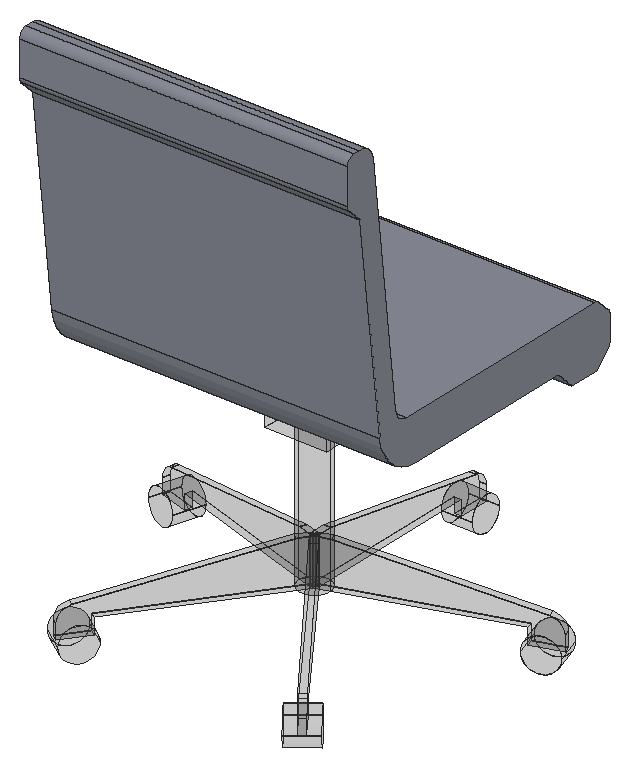
Revit family
Parameters (values of type "Chair-Task")
  Assembly Code = "E2020200"
  Material Base = Plastic - Black
  Material Caster = Plastic - Black
  Material Seat/Back = Textile - Slate Blue
Reference planes
  plane 1 "Center (Front/Back)": y = 18.946
  plane 2: z = 0
  plane 3 "Center (Left/Right)": x = 140.991
  plane 4: x = 458.491
  plane 5: x = -176.509
  plane 6: y = -323.954
  plane 7: y = 361.846
  plane 8: z = 889
  plane 9 "Seat": z = 457.2
  plane 10: y = -247.754
  plane 11: z = 863.6
  plane 12: y = 285.646
  plane 13: y = 260.246
  plane 14: z = 431.8
  plane 15: y = -222.354
  plane 16: z = 787.4
  plane 17: z = 355.6
  plane 18: x = 191.791
  plane 19: x = 90.191
  plane 20: x = 420.391
  plane 21: x = -138.409
Forms (mm)
  Extrusion 1, solid, material "Textile - Slate Blue" <- "Material Seat/Back"
    sketch origin (-176.509, 0, 0) x (0, -1, 0) y (0, 0, 1)
      loop
        arc (-255.01, 457.2) -> (-259.851, 456.241) -> (-263.96, 453.51) r 12.7
        line (-263.96, 453.51) -> (-281.896, 435.694)
        arc (-281.896, 435.694) -> (-284.671, 431.563) -> (-285.646, 426.684) r 12.7
        line (-285.646, 426.684) -> (-285.646, 391.641)
        arc (-285.646, 391.641) -> (-283.729, 381.96) -> (-278.266, 373.74) r 25.4
        line (-278.266, 373.74) -> (-260.247, 355.6) -> (-209.447, 355.6) -> (-181.074, 383.784) -> (107.109, 383.784)
        arc (107.109, 383.784) -> (157.745, 403.041) -> (182.787, 451.08) r 76.2
        line (182.787, 451.08) -> (222.354, 787.4) -> (244.034, 809.08)
        arc (244.034, 809.08) -> (246.787, 813.2) -> (247.754, 818.061) r 12.7
        line (247.754, 818.061) -> (247.754, 876.3)
        arc (247.754, 876.3) -> (244.034, 885.28) -> (235.054, 889) r 12.7
        line (235.054, 889) -> (222.179, 889)
        arc (222.179, 889) -> (205.3, 882.581) -> (196.953, 866.568) r 25.4
        line (196.953, 866.568) -> (151.431, 479.632)
        arc (151.431, 479.632) -> (143.084, 463.619) -> (126.205, 457.2) r 25.4
        line (126.205, 457.2) -> (-255.01, 457.2)
    from -50.8 to -584.2
  Extrusion 2, solid, material "Plastic - Black" <- "Material Base"
    sketch origin (191.791, 0, 0) x (0, -1, 0) y (0, 0, 1)
      loop
        line (19.154, 383.784) -> (-69.746, 383.784) -> (-69.746, 371.084) -> (-18.946, 283.095) -> (19.154, 283.095) -> (19.154, 383.784)
    from 0 to 101.6
  Extrusion 3, solid, material "Plastic - Black" <- "Material Base"
    sketch origin (140.991, 0, 0) x (0, 1, 0) y (0, 0, 1)
      loop
        line (18.946, 53.584) -> (311.046, 53.584) -> (311.046, 28.184) -> (361.846, 28.184) -> (361.846, 52.487)
        arc (361.846, 52.487) -> (355.903, 68.813) -> (340.857, 77.501) r 25.4
        line (340.857, 77.501) -> (44.346, 129.784) -> (18.946, 129.784) -> (18.946, 53.584)
    from 6.35 to -6.35
  Extrusion 4, solid, material "Plastic - Black" <- "Material Caster"
    sketch origin (140.991, 0, 0) x (0, 1, 0) y (0, 0, 1)
      loop
        circle (336.446, 28.184) r 28.2
    from 25.4 to -25.4
  Extrusion 5, solid, material "Plastic - Black" <- "Material Base"
    sketch origin (159.009, 13.091, 0) x (-0.951057, 0.309017, 0) y (0, 0, 1)
      loop
        line (18.946, 53.584) -> (311.046, 53.584) -> (311.046, 28.184) -> (361.846, 28.184) -> (361.846, 52.487)
        arc (361.846, 52.487) -> (355.903, 68.813) -> (340.857, 77.501) r 25.4
        line (340.857, 77.501) -> (44.346, 129.784) -> (18.946, 129.784) -> (18.946, 53.584)
    from 6.35 to -6.35
  Extrusion 6, solid, material "Plastic - Black" <- "Material Caster"
    sketch origin (159.009, 13.091, 0) x (-0.951057, 0.309017, 0) y (0, 0, 1)
      loop
        circle (336.446, 28.184) r 28.2
    from 25.4 to -25.4
  Extrusion 7, solid, material "Plastic - Black" <- "Material Base"
    sketch origin (152.127, 34.273, 0) x (-0.587785, -0.809017, 0) y (0, 0, 1)
      loop
        line (18.946, 53.584) -> (311.046, 53.584) -> (311.046, 28.184) -> (361.846, 28.184) -> (361.846, 52.487)
        arc (361.846, 52.487) -> (355.903, 68.813) -> (340.857, 77.501) r 25.4
        line (340.857, 77.501) -> (44.346, 129.784) -> (18.946, 129.784) -> (18.946, 53.584)
    from 6.35 to -6.35
  Extrusion 8, solid, material "Plastic - Black" <- "Material Caster"
    sketch origin (152.127, 34.273, 0) x (-0.587785, -0.809017, 0) y (0, 0, 1)
      loop
        circle (336.446, 28.184) r 28.2
    from 25.4 to -25.4
  Extrusion 9, solid, material "Plastic - Black" <- "Material Base"
    sketch origin (129.855, 34.273, 0) x (0.587785, -0.809017, 0) y (0, 0, 1)
      loop
        line (18.946, 53.584) -> (311.046, 53.584) -> (311.046, 28.184) -> (361.846, 28.184) -> (361.846, 52.487)
        arc (361.846, 52.487) -> (355.903, 68.813) -> (340.857, 77.501) r 25.4
        line (340.857, 77.501) -> (44.346, 129.784) -> (18.946, 129.784) -> (18.946, 53.584)
    from 6.35 to -6.35
  Extrusion 10, solid, material "Plastic - Black" <- "Material Caster"
    sketch origin (129.855, 34.273, 0) x (0.587785, -0.809017, 0) y (0, 0, 1)
      loop
        circle (336.446, 28.184) r 28.2
    from 25.4 to -25.4
  Extrusion 11, solid, material "Plastic - Black" <- "Material Base"
    sketch origin (122.972, 13.091, 0) x (0.951057, 0.309017, 0) y (0, 0, 1)
      loop
        line (18.946, 53.584) -> (311.046, 53.584) -> (311.046, 28.184) -> (361.846, 28.184) -> (361.846, 52.487)
        arc (361.846, 52.487) -> (355.903, 68.813) -> (340.857, 77.501) r 25.4
        line (340.857, 77.501) -> (44.346, 129.784) -> (18.946, 129.784) -> (18.946, 53.584)
    from 6.35 to -6.35
  Extrusion 12, solid, material "Plastic - Black" <- "Material Caster"
    sketch origin (122.972, 13.091, 0) x (0.951057, 0.309017, 0) y (0, 0, 1)
      loop
        circle (336.446, 28.184) r 28.2
    from 25.4 to -25.4
  Extrusion 13, solid, material "Plastic - Black" <- "Material Base"
    sketch origin (0, 0, 0) x (1, 0, 0) y (0, 1, 0)
      loop
        circle (140.991, 18.946) r 25.4
    from 53.584 to 384.175
Lines and regions (mm)
  Masking region 1
    outline origin (0, 0, 457.2) x (0, -1, 0) y (1, 0, 0)
      loop
        arc (126.205, -74.909) -> (141.084, -110.83) -> (177.005, -125.709) r 50.8
        line (177.005, -125.709) -> (222.354, -125.709)
        arc (222.354, -125.709) -> (240.315, -118.27) -> (247.754, -100.309) r 25.4
        line (247.754, -100.309) -> (247.754, 382.291)
        arc (247.754, 382.291) -> (240.315, 400.251) -> (222.354, 407.691) r 25.4
        line (222.354, 407.691) -> (177.005, 407.691)
        arc (177.005, 407.691) -> (141.084, 392.812) -> (126.205, 356.891) r 50.8
        line (126.205, 356.891) -> (126.205, -74.909)
  Masking region 2
    outline origin (0, 0, 457.2) x (0, -1, 0) y (1, 0, 0)
      loop
        line (-281.896, -132.059) -> (218.634, -132.059)
        arc (218.634, -132.059) -> (232.832, -127.721) -> (242.18, -116.187) r 25.4
        arc (242.18, -116.187) -> (233.351, -123.205) -> (222.354, -125.709) r 25.4
        line (222.354, -125.709) -> (177.005, -125.709)
        arc (177.005, -125.709) -> (141.084, -110.83) -> (126.205, -74.909) r 50.8
        line (126.205, -74.909) -> (126.205, 356.891)
        arc (126.205, 356.891) -> (141.084, 392.812) -> (177.005, 407.691) r 50.8
        line (177.005, 407.691) -> (222.354, 407.691)
        arc (222.354, 407.691) -> (233.351, 405.187) -> (242.18, 398.169) r 25.4
        arc (242.18, 398.169) -> (232.832, 409.702) -> (218.634, 414.041) r 25.4
        line (218.634, 414.041) -> (-281.896, 414.041) -> (-281.896, -132.059)
  symbolic lines, not visible
    curve 1: line (-100.309, -247.754, 0) -> (382.291, -247.754, 0)
    curve 2: line (-125.709, -222.354, 0) -> (-125.709, -177.005, 0)
    curve 3: line (-74.909, -126.205, 0) -> (356.891, -126.205, 0)
    curve 4: line (407.691, -222.354, 0) -> (407.691, -177.005, 0)
    curve 5: arc (-74.909, -126.205, 0) -> (-110.83, -141.084, 0) -> (-125.709, -177.005, 0) r 50.8
    curve 6: arc (356.891, -126.205, 0) -> (392.812, -141.084, 0) -> (407.691, -177.005, 0) r 50.8
    curve 7: arc (-125.709, -222.354, 0) -> (-118.27, -240.315, 0) -> (-100.309, -247.754, 0) r 25.4
    curve 8: arc (407.691, -222.354, 0) -> (400.251, -240.315, 0) -> (382.291, -247.754, 0) r 25.4
    curve 9: line (-132.059, 281.896, 0) -> (414.041, 281.896, 0)
    curve 10: line (-132.059, 281.896, 0) -> (-132.059, -218.634, 0)
    curve 11: line (-106.659, -244.034, 0) -> (388.641, -244.034, 0)
    curve 12: line (414.041, 281.896, 0) -> (414.041, -218.634, 0)
    curve 13: arc (-132.059, -218.634, 0) -> (-124.62, -236.595, 0) -> (-106.659, -244.034, 0) r 25.4
    curve 14: arc (414.041, -218.634, 0) -> (406.601, -236.595, 0) -> (388.641, -244.034, 0) r 25.4
Dimensions and locks
  equal spacing: plane 5, plane 3 "Center (Left/Right)", plane 4
  plane 5 to plane 4 = 635 mm
  equal spacing: plane 6, plane 1 "Center (Front/Back)", plane 7
  plane 6 to plane 7 = 685.8 mm
  aligned and locked: Masking region 1 sketch curve to curve 6
  aligned and locked: Masking region 1 sketch curve to curve 8
  aligned and locked: Masking region 1 sketch curve to curve 7
  aligned and locked: Masking region 1 sketch curve to curve 5
  aligned and locked: curve 10 to Masking region 2 sketch curve
  aligned and locked: Masking region 2 sketch curve to curve 13
  aligned and locked: Masking region 2 sketch curve to curve 14
  aligned and locked: Masking region 2 sketch curve to curve 9
  aligned and locked: Masking region 2 sketch curve to curve 7
  aligned and locked: Masking region 2 sketch curve to curve 5
  aligned and locked: Masking region 2 sketch curve to curve 6
  aligned and locked: Masking region 2 sketch curve to curve 8
Automatic sketch dimensions
  curve 5 to plane 21 = 12.7 mm
  curve 7 to curve 11 = 19.05 mm
  curve 13 to curve 7 = 6.35 mm
  curve 3 to plane 21 = 63.5 mm
  plane 20 to curve 6 = 63.5 mm
  plane 20 to curve 8 = 38.1 mm
  curve 8 to curve 11 = 6.35 mm
  plane 20 to curve 4 = 12.7 mm
  plane 20 to curve 14 = 6.35 mm
  curve 1 to plane 6 = 76.2 mm
  curve 1 to curve 11 = 3.72 mm
  curve 10 to curve 5 = 41.629 mm
  curve 9 to plane 21 = 6.35 mm
  plane 7 to curve 9 = 79.95 mm
